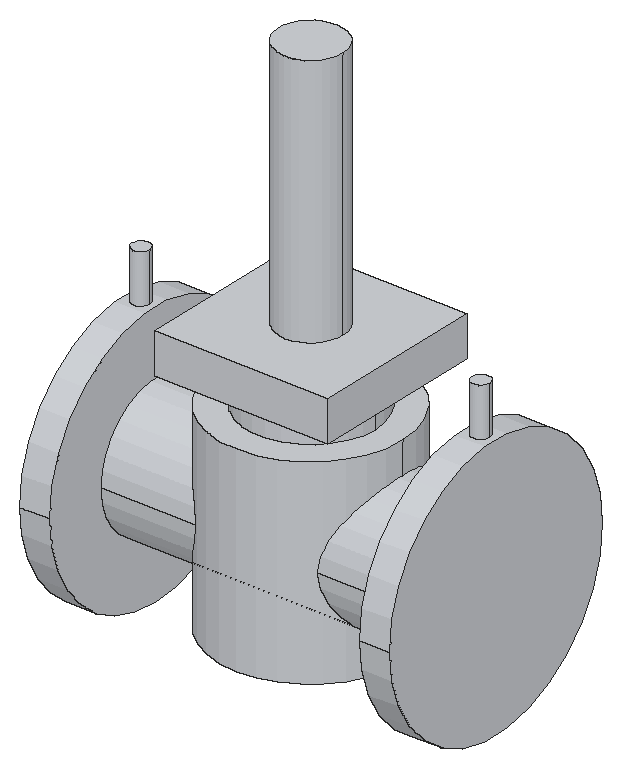
Revit family "OPTIMA_Compact_FLANGE_PN25_DN050-LF_RFA_2018", category Pipe Accessories, Revit 2018
Family settings
  Round Connector Dimension = Use Diameter
  Part Type = Valve - Breaks Into
  Work Plane-Based = No
  Always vertical = Yes
  Cut with Voids When Loaded = No
  Shared = No
Parameters (values of type "Optima Compact Flange PN25 DN050 LF")
  magiProductId = "Frese Optima Flange DN050 LF"
  magiProductFamilyId = "Frese Optima Flange *"
  magiPartTypeId = 304
  isMeasuringValve [instance] = no
  ang2D [instance] = 0.00°
  W2D = 50 mm
  VersionID = "2.0/2018.8.28.1/FRESE_OPTIMA_FLANGE_Q13_002"
  Use Minimum Symbol Size [instance] = yes
  URL = "www.hydronic.cz"
  Type Comments = "Přírubový; PN25; 0~120°C, s měřením"
  R4 = 40.3 mm
  R3 = 42.9 mm
  R1 = 57.5 mm
  QmdConnectorList = "301;D;302;D"
  Productdata [instance] = ""
  Manufacturer = "Hydronic Systems Prague s.r.o."
  MC Product Code = "53-1220 (DN50 LF; 20mm; pohon min 1000N; Qmin-dpmin 2500l/h-6.5kPa; Qmax-dpmin 15000l/h-20.0kPa; dpmax 800kPa)"
  MC Piping Given Pressure Drop [instance] = 0.0 Pa
  LF__ve = -LF  # -18.4 mm
  LF2 = 9.2 mm
  LF = 18.4 mm
  L4 = 108.1 mm
  L3 = 193.2 mm
  L2D_Min = 3048 mm
  L2D = 230 mm
  L2 = 115 mm
  H6 = 157.3 mm
  H4 = 24.8 mm
  H3 = 20.6 mm
  H2 = 61.9 mm
  H1 = 123.8 mm
  Description = "Tlakově nezávislý 2-cestný regulační vyvažovací ventil (PICV)"
  DF2 = 82.5 mm
  D = 50 mm
  CAT0 = yes
Types (14, lengths in mm): name | magiProductId | magiProductFamilyId | W2D | Type Comments | R4 | R3 | R1 | MC Product Code | LF__ve | LF2 | LF | L4 | L3 | L2D | L2 | H6 | H4 | H3 | H2 | H1 | DF2 | D
  Optima Compact Flange PN25 DN050 LF | "Frese Optima Flange DN050 LF" | "Frese Optima Flange *" | 50 | "Přírubový; PN25; 0~120°C, s měřením" | 40.3 | 42.9 | 57.5 | "53-1220 (DN50 LF; 20mm; pohon min 1000N; Qmin-dpmin 2500l/h-6.5kPa; Qmax-dpmin 15000l/h-20.0kPa; dpmax 800kPa)" | -18.4 | 9.2 | 18.4 | 108.1 | 193.2 | 230 | 115 | 157.3 | 24.8 | 20.6 | 61.9 | 123.8 | 82.5 | 50
  Optima Compact Flange PN25 DN050 HF | "Frese Optima Flange DN050 HF" | "Frese Optima Flange *" | 50 | "Přírubový; PN25; 0~120°C, s měřením" | 40.25 | 42.9 | 57.5 | "53-1230 (DN50 HF; 20mm; pohon min 1000N; Qmin-dpmin 3900l/h-19.0kPa; Qmax-dpmin 24000l/h-50.0kPa; dpmax 800kPa)" | -18.4 | 9.2 | 18.4 | 108.1 | 193.2 | 230 | 115 | 157.25 | 24.75 | 20.625 | 61.875 | 123.75 | 82.5 | 50
  Optima Compact Flange PN25 DN065 LF | "Frese Optima Flange DN065 LF" | "Frese Optima Flange *" | 50 | "Přírubový; PN25; 0~120°C, s měřením" | 50.75 | 48.1 | 72.5 | "53-1221 (DN65 LF; 20mm; pohon min 1000N; Qmin-dpmin 4400l/h-15.0kPa; Qmax-dpmin 25000l/h-25.0kPa; dpmax 800kPa)" | -23.2 | 11.6 | 23.2 | 136.3 | 243.6 | 230 | 145 | 171.25 | 27.75 | 23.125 | 69.375 | 138.75 | 92.5 | 65
  Optima Compact Flange PN25 DN065 HF | "Frese Optima Flange DN065 HF" | "Frese Optima Flange *" | 50 | "Přírubový; PN25; 0~120°C, s měřením" | 50.75 | 48.1 | 72.5 | "53-1231 (DN65 HF; 20mm; pohon min 1000N; Qmin-dpmin 6000l/h-30.0kPa; Qmax-dpmin 35000l/h-55.0kPa; dpmax 800kPa)" | -23.2 | 11.6 | 23.2 | 136.3 | 243.6 | 230 | 145 | 171.25 | 27.75 | 23.125 | 69.375 | 138.75 | 92.5 | 65
  Optima Compact Flange PN25 DN080 LF | "Frese Optima Flange DN080 LF" | "Frese Optima Flange *" | 50 | "Přírubový; PN25; 0~120°C, s měřením" | 54.25 | 52 | 77.5 | "53-1222 (DN80 LF; 20mm; pohon min 1000N; Qmin-dpmin 5300l/h-16.0kPa; Qmax-dpmin 34000l/h-25.0kPa; dpmax 800kPa)" | -24.8 | 12.4 | 24.8 | 145.7 | 260.4 | 230 | 155 | 183 | 30 | 25 | 75 | 150 | 100 | 80
  Optima Compact Flange PN25 DN080 HF | "Frese Optima Flange DN080 HF" | "Frese Optima Flange *" | 50 | "Přírubový; PN25; 0~120°C, s měřením" | 54.25 | 52 | 77.5 | "53-1232 (DN80 HF; 20mm; pohon min 1000N; Qmin-dpmin 7000l/h-23.0kPa; Qmax-dpmin 43000l/h-50.0kPa; dpmax 800kPa)" | -24.8 | 12.4 | 24.8 | 145.7 | 260.4 | 230 | 155 | 183 | 30 | 25 | 75 | 150 | 100 | 80
  Optima Compact Flange PN25 DN100 LF | "Frese Optima Flange DN100 LF" | "Frese Optima Flange *" | 50 | "Přírubový; PN25; 0~120°C, s měřením" | 61.25 | 61.1 | 87.5 | "53-1223 (DN100 LF; 40mm; pohon min 1000N; Qmin-dpmin 12100l/h-20.0kPa; Qmax-dpmin 68000l/h-35.0kPa; dpmax 800kPa)" | -28 | 14 | 28 | 164.5 | 294 | 230 | 175 | 268.75 | 35.25 | 29.375 | 88.125 | 176.25 | 117.5 | 100
  Optima Compact Flange PN25 DN100 HF | "Frese Optima Flange DN100 HF" | "Frese Optima Flange *" | 50 | "Přírubový; PN25; 0~120°C, s měřením" | 61.25 | 61.1 | 87.5 | "53-1233 (DN100 HF; 40mm; pohon min 1000N; Qmin-dpmin 14800l/h-30.0kPa; Qmax-dpmin 90000l/h-75.0kPa; dpmax 800kPa)" | -28 | 14 | 28 | 164.5 | 294 | 230 | 175 | 268.75 | 35.25 | 29.375 | 88.125 | 176.25 | 117.5 | 100
  Optima Compact Flange PN25 DN125 LF | "Frese Optima Flange DN125 LF" | "Frese Optima Flange *" | 50 | "Přírubový; PN25; 0~120°C, s měřením" | 70 | 70.2 | 100 | "53-1224 (DN125 LF; 40mm; pohon min 1000N; Qmin-dpmin 18500l/h-16.0kPa; Qmax-dpmin 110000l/h-35.0kPa; dpmax 800kPa)" | -32 | 16 | 32 | 188 | 336 | 230 | 200 | 275.5 | 40.5 | 33.75 | 101.25 | 202.5 | 135 | 125
  Optima Compact Flange PN25 DN125 HF | "Frese Optima Flange DN125 HF" | "Frese Optima Flange *" | 50 | "Přírubový; PN25; 0~120°C, s měřením" | 70 | 70.2 | 100 | "53-1234 (DN125 HF; 40mm; pohon min 1000N; Qmin-dpmin 23000l/h-27.0kPa; Qmax-dpmin 135000l/h-53.0kPa; dpmax 800kPa)" | -32 | 16 | 32 | 188 | 336 | 230 | 200 | 275.5 | 40.5 | 33.75 | 101.25 | 202.5 | 135 | 125
  Optima Compact Flange PN25 DN150 LF | "Frese Optima Flange DN150 LF" | "Frese Optima Flange *" | 50 | "Přírubový; PN25; 0~110°C, s měřením" | 84 | 74.1 | 120 | "53-1225 (DN150 LF; 43mm; pohon min 1500N; Qmin-dpmin 25600l/h-21.0kPa; Qmax-dpmin 148000l/h-35.0kPa; dpmax 800kPa)" | -38.4 | 19.2 | 38.4 | 225.6 | 403.2 | 230 | 240 | 279.25 | 42.75 | 35.625 | 106.875 | 213.75 | 142.5 | 150
  Optima Compact Flange PN25 DN150 HF | "Frese Optima Flange DN150 HF" | "Frese Optima Flange *" | 50 | "Přírubový; PN25; 0~110°C, s měřením" | 84 | 74.1 | 120 | "53-1235 (DN150 HF; 43mm; pohon min 1500N; Qmin-dpmin 32000l/h-33.0kPa; Qmax-dpmin 195000l/h-65.0kPa; dpmax 800kPa)" | -38.4 | 19.2 | 38.4 | 225.6 | 403.2 | 230 | 240 | 279.25 | 42.75 | 35.625 | 106.875 | 213.75 | 142.5 | 150
  Optima Compact Flange PN25 DN200 LF | "" | "" | 100 | "Přírubový; PN25; 0~110°C, s měřením" | 164.5 | 98.8 | 235 | "53-1226 (DN200 LF; 43mm; pohon min 1500N; Qmin-dpmin 95000l/h-11.0kPa; Qmax-dpmin 210000l/h-32.0kPa; dpmax 800kPa)" | -48 | 24 | 48 | 282 | 504 | 350 | 300 | 281 | 57 | 15 | 209 | 380 | 190 | 200
  Optima Compact Flange PN25 DN200 HF | "" | "" | 100 | "Přírubový; PN25; 0~110°C, s měřením" | 164.5 | 98.8 | 235 | "53-1236 (DN200 HF; 43mm; pohon min 1500N; Qmin-dpmin 130000l/h-31.0kPa; Qmax-dpmin 280000l/h-78.0kPa; dpmax 800kPa)" | -48 | 24 | 48 | 282 | 504 | 350 | 300 | 281 | 57 | 15 | 209 | 380 | 190 | 200
Reference planes
  plane 1 "Center (Front/Back)": y = 0
  plane 2 "XYPLANE": z = 0
  plane 3 "Center (Left/Right)": x = 0
  plane 4 "157": x = 105.8
  plane 5 "156": x = -105.8
  plane 6 "155": z = 82.5
  plane 7 "154": z = 107.3
  plane 8 "153": z = 82.5
  plane 9 "152": z = 61.9
  plane 10 "151": x = -96.6
  plane 11 "150": z = -61.9
  plane 12 "149": x = 0
  plane 13 "148": y = 0
  plane 14 "147": z = 0
  plane 15 "146": x = -115
  plane 16 "145": x = 115
Forms (mm)
  Extrusion 1, solid, visible <- "CAT0"
    sketch origin (-750, 0, 82.5) x (1, 0, 0) y (0, 1, 0)
      loop
        circle (855.8, 0) r 5.5
    from 0 to 30
  Extrusion 2, solid, visible <- "CAT0"
    sketch origin (-750, 0, 82.5) x (1, 0, 0) y (0, 1, 0)
      loop
        circle (644.2, 0) r 5.5
    from 0 to 30
  Extrusion 3, solid, visible <- "CAT0"
    sketch origin (-750, 0, 107.3) x (1, 0, 0) y (0, 1, 0)
      loop
        circle (750, 0) r 20
    from 0 to 157.3 <- "H6"
  Extrusion 4, solid, visible <- "CAT0"
    sketch origin (-750, 0, 82.5) x (1, 0, 0) y (0, 1, 0)
      loop
        line (804.05, 54.05) -> (695.95, 54.05) -> (695.95, -54.05) -> (804.05, -54.05) -> (804.05, 54.05)
    from 0 to 24.8 <- "H4"
  Extrusion 5, solid, visible <- "CAT0"
    sketch origin (-750, 0, 61.9) x (1, 0, 0) y (0, 1, 0)
      loop
        circle (750, 0) r 40.3
    from 0 to 20.6 <- "H3"
  Extrusion 6, solid, visible <- "CAT0"
    sketch origin (-96.6, -750, 0) x (0, 1, 0) y (0, 0, 1)
      loop
        circle (750, 0) r 42.9
    from 0 to 193.2 <- "L3"
  Extrusion 7, solid, visible <- "CAT0"
    sketch origin (-750, 0, -61.9) x (1, 0, 0) y (0, 1, 0)
      loop
        circle (750, 0) r 57.5
    from 0 to 123.8 <- "H1"
  Extrusion 8, solid, visible <- "CAT0"
    sketch origin (-115, -750, 0) x (0, 1, 0) y (0, 0, 1)
      loop
        circle (750, 0) r 82.5
    from 0 to 18.4 <- "LF"
  Extrusion 9, solid, visible <- "CAT0"
    sketch origin (115, -750, 0) x (0, 1, 0) y (0, 0, 1)
      loop
        circle (750, 0) r 82.5
    from 0 to -18.4 <- "LF__ve"
  Extrusion 10, solid, not visible
    sketch origin (-115, -750, 0) x (0, 1, 0) y (0, 0, 1)
      loop
        circle (750, 0) r 10
    from 0 to 10
  Extrusion 11, solid, not visible
    sketch origin (115, -750, 0) x (0, 1, 0) y (0, 0, 1)
      loop
        circle (750, 0) r 10
    from 0 to -10
Lines and regions (mm)
  reference lines, not visible
    curve 1: circle (2, 2, 0) r 1 normal (0, 0, 1)
  reference lines
    curve 2: circle (0, 0, 82.5) r 1 normal (0, 0, 1)
Dimensions and locks
  plane 1 "Center (Front/Back)" to curve 1 = 2 mm
  "LF2": plane 16 "145" to plane 4 "157"
  "LF2": plane 15 "146" to plane 5 "156"
  "DF2": plane 2 "XYPLANE" to plane 6 "155"
  "H4": plane 8 "153" to plane 7 "154"
  "H3": plane 9 "152" to plane 8 "153"
  "H1": plane 11 "150" to plane 9 "152"
  "LF": plane 15 "146" to plane 10 "151"
  "H2": plane 2 "XYPLANE" to plane 11 "150"
  locked: plane 3 "Center (Left/Right)" to plane 12 "149"
  locked: plane 1 "Center (Front/Back)" to plane 13 "148"
  locked: plane 2 "XYPLANE" to plane 14 "147"
  "L2": plane 3 "Center (Left/Right)" to plane 15 "146"
  "L2": plane 3 "Center (Left/Right)" to plane 16 "145"
  equal spacing: Extrusion 4 sketch curve, curve 2, Extrusion 4 sketch curve  (x2)
  "L4": Extrusion 4 sketch curve to Extrusion 4 sketch curve  (x2)
  Extrusion 4 sketch curve to Extrusion 4 sketch curve = 0 mm  (x8)
  "R4": radius of Extrusion 5 sketch curve
  "R3": radius of Extrusion 6 sketch curve
  "R1": radius of Extrusion 7 sketch curve
  "DF2": radius of Extrusion 8 sketch curve
  "DF2": radius of Extrusion 9 sketch curve
  aligned and locked: level to plane 2 "XYPLANE"
  aligned and locked: plane 4 "157" to Extrusion 1 sketch curve
  aligned and locked: plane 13 "148" to Extrusion 1 sketch curve
  aligned and locked: plane 5 "156" to Extrusion 2 sketch curve
  aligned and locked: plane 13 "148" to Extrusion 2 sketch curve
  aligned and locked: plane 12 "149" to Extrusion 3 sketch curve
  aligned and locked: plane 13 "148" to Extrusion 3 sketch curve
  aligned and locked: plane 12 "149" to curve 2
  aligned and locked: plane 13 "148" to curve 2
  aligned and locked: plane 12 "149" to Extrusion 5 sketch curve
  aligned and locked: plane 13 "148" to Extrusion 5 sketch curve
  aligned and locked: Extrusion 6 sketch curve to plane 13 "148"
  aligned and locked: plane 14 "147" to Extrusion 6 sketch curve
  aligned and locked: plane 12 "149" to Extrusion 7 sketch curve
  aligned and locked: plane 13 "148" to Extrusion 7 sketch curve
  aligned and locked: Extrusion 8 sketch curve to plane 13 "148"
  aligned and locked: plane 14 "147" to Extrusion 8 sketch curve
  aligned and locked: Extrusion 9 sketch curve to plane 13 "148"
  aligned and locked: plane 14 "147" to Extrusion 9 sketch curve
  aligned and locked: Extrusion 10 sketch curve to plane 13 "148"
  aligned and locked: plane 14 "147" to Extrusion 10 sketch curve
  aligned and locked: Extrusion 11 sketch curve to plane 13 "148"
  aligned and locked: plane 14 "147" to Extrusion 11 sketch curve
Automatic sketch dimensions
  Extrusion 1 sketch curve to plane 4 "157" = 5.5 mm
  plane 15 "146" to Extrusion 2 sketch curve = 3.7 mm
  Extrusion 3 sketch curve to plane 3 "Center (Left/Right)" = 20 mm
  plane 1 "Center (Front/Back)" to Extrusion 10 sketch curve = 10 mm
  plane 1 "Center (Front/Back)" to Extrusion 11 sketch curve = 10 mm
  plane 3 "Center (Left/Right)" to curve 1 = 2 mm
  plane 10 "151" to Extrusion 4 sketch curve = 42.55 mm
  plane 1 "Center (Front/Back)" to Extrusion 4 sketch curve = 54.05 mm
  radius of curve 2 = 1 mm
  radius of curve 1 = 1 mm
Connectors
  piping at (-115, 0, 0), diameter 50, driven by "D"
    settings: on Extrusion 10, index 1, connector inside diameter 609.6 mm, connector length 0 mm, flow factor 0, pipe flow 0.0 L/s, pressure drop 0.0 Pa, fitting loss kfactor 0, connector angle 0.00°, fixture units 0, engagement length 0 mm, angle of deflection 0.00°, flow configuration 0, flow direction 0, fitting loss method 0, system type 29, joint type 0, gender type 0, connector reference index 2, connector utility 0, adjustable connector no, is connector primary yes, connector description ""
  piping at (115, 0, 0), diameter 50, driven by "D"
    settings: on Extrusion 11, index 2, connector inside diameter 609.6 mm, connector length 0 mm, flow factor 0, pipe flow 0.0 L/s, pressure drop 0.0 Pa, fitting loss kfactor 0, connector angle 0.00°, fixture units 0, engagement length 0 mm, angle of deflection 0.00°, flow configuration 0, flow direction 0, fitting loss method 0, system type 29, joint type 0, gender type 0, connector reference index 1, connector utility 0, adjustable connector no, is connector primary no, connector description ""
